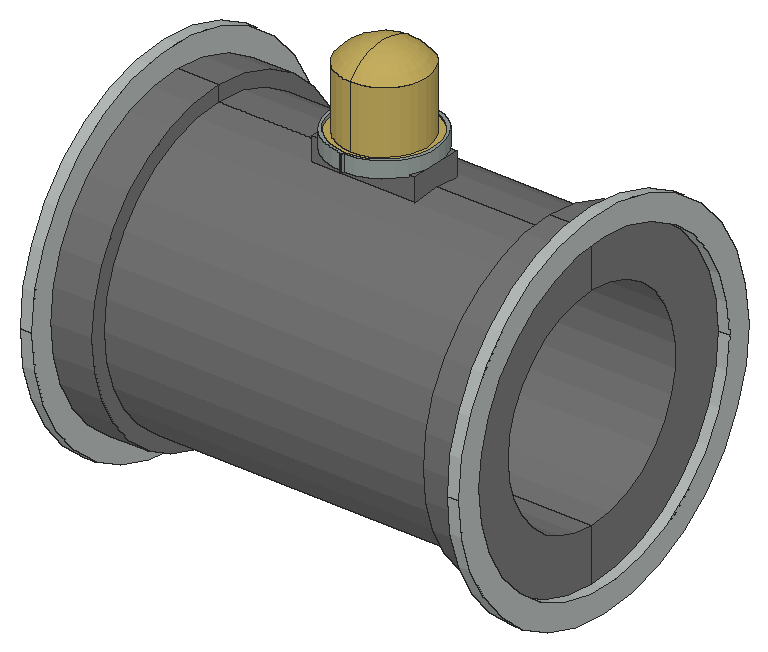
Revit family "QP85090000", category Apparecchi idraulici, Revit 2020
Family settings
  Quota connettore circolare = Usa diametro
  Tipo di parte = Normale
  Numero OmniClass = 23.45.00.00
  Titolo OmniClass = Sanitary, Laundry, and Cleaning Equipment
  Basato su piano di lavoro = No
  Sempre verticale = Sì
  Taglio con vuoti quando caricato = No
  Condiviso = No
  Punto di calcolo locali = No
Parameters
  URL = "https://web.cimberio.com/index.php/figura/842?subcategoria_id="
  Temperatura di esercizio = ""
  Prospetto di default = 0 mm
  Produttore = "CIMBERIO SPA"
  Pressione nominale = ""
  Modello = "Cim 852FH"
  Materiale = "Prodotto in lega d'alluminio anodizzato A356-T6"
  Descrizione = "Utilizzato nell’impiantistica distributiva di gas a bassa pressione per le categorie:\r\nGas naturali: gas derivati dal petrolio (Metano) e gas di ricambio.\r\nGas di città: prodotti secondo i diversi procedimenti (Cracking - Cokerie - ecc.).\r\nGas liquidi: propano e miscele di gas propano/butano."
  DN Model [instance] = QP85073409 : QP85073409
  DN [instance] = 200 mm
  Commenti sul tipo = "Realizzato in ottemperanza ai requisiti gestionali della norma EN ISO 9001.\r\nCollaudato al 100% secondo la normativa EN 12266-1"
Reference planes
  plane 1 "Centro (Fronte/Retro)": y = 0
  plane 2: z = 0
  plane 3 "Centro (Sinistra/Destra)": x = 0
Dimensions and locks
  aligned and locked: level to plane 2
Nested families
  nested 1: "QP85073409" at (0, 0, 0), type <- "DN Model", type "QP85073409"
  nested 2: "QP85073409" at (0, 0, 0), type <- "DN Model", type "QP85073409"
  nested 3: "QP85073409" at (0, 0, 0), type <- "DN Model", type "QP85073409"
  nested 4: "QP85073409" at (0, 0, 0), type <- "DN Model", type "QP85073409"
  nested 5: "QP85073409" at (0, 0, 0), type <- "DN Model", type "QP85073409"
Connectors
  piping at (197, 0, 0), diameter 200, driven by "DN"
    settings: on nested 1, index 1, connector inside diameter 609.6 mm, connector length 0 mm, flow factor 0, pipe flow 0.0 L/s, pressure drop 0.0 Pa, fitting loss kfactor 0, connector angle 0.00°, fixture units 0, engagement length 0 mm, angle of deflection 0.00°, flow configuration 0, flow direction 0, fitting loss method 0, system type 7, joint type 0, gender type 0, connector reference index -1, connector utility 0, adjustable connector no, is connector primary yes, connector description ""
  piping at (-197, 0, 0), diameter 200, driven by "DN"
    settings: on nested 1, index 2, connector inside diameter 609.6 mm, connector length 0 mm, flow factor 0, pipe flow 0.0 L/s, pressure drop 0.0 Pa, fitting loss kfactor 0, connector angle 0.00°, fixture units 0, engagement length 0 mm, angle of deflection 0.00°, flow configuration 0, flow direction 0, fitting loss method 0, system type 7, joint type 0, gender type 0, connector reference index -1, connector utility 0, adjustable connector no, is connector primary no, connector description ""
Definition of nested family "QP85073409"
  Parameters (values of type "QP85073409")
    URL = ""
    Temperatura di esercizio = ""
    Default Elevation = 0 mm
    Manufacturer = ""
    Pressione nominale = ""
    Model = ""
    Materiale = ""
    Description = ""
    Type Comments = ""
  Reference planes
    plane 1 "Centro (Fronte/Retro)": y = 0
    plane 2: z = 0
    plane 3 "Centro (Sinistra/Destra)": x = 0
    plane 4: z = 244
    plane 5: x = -208
  Forms (mm)
    Extrusion 1, solid
      sketch origin (0, 0, 123.002) x (1, 0, 0) y (0, 1, 0)
        loop
          arc (-0.959, 48.991) -> (-49, 0) -> (-0.959, -48.991) r 49
          line (-0.959, -48.991) -> (-0.959, -51.484) -> (0, -51.484) -> (0, -46.484)
          arc (0, -46.484) -> (-46.484, 0) -> (0, 46.484) r 46.484
          line (0, 46.484) -> (0, 51.484) -> (-0.959, 51.484) -> (-0.959, 48.991)
      from 30 to 45
    Extrusion 2, solid
      sketch origin (0, 0, 101.058) x (1, 0, 0) y (0, 1, 0)
        loop
          line (-49, 25) -> (-49, -24.59) -> (49, -24.59) -> (49, 25) -> (-49, 25)
      from 10.173 to 53.944
    Extrusion 3, solid
      sketch origin (0, 0, 123.002) x (1, 0, 0) y (0, 1, 0)
        loop
          circle (0, 0) r 46.484
      from 32 to 43
    Revolve 4, solid
      sketch origin (0, 0, 123.002) x (0, 1, 0) y (0, 0, 1)
        loop
          line (0, 43) -> (40, 43) -> (40, 101.885)
          arc (40, 101.885) -> (22.166, 115.976) -> (0, 121) r 51.409
          line (0, 121) -> (0, 43)
        axis (0, 121) -> (0, 43)
      angle from 0 to 360
    Extrusion 5, solid
      sketch origin (0, 0, 123.002) x (-1, 0, 0) y (0, -1, 0)
        loop
          line (-0.959, -48.991) -> (-0.959, -51.484) -> (0, -51.484) -> (0, -46.484)
          arc (0, -46.484) -> (-46.484, 0) -> (0, 46.484) r 46.484
          line (0, 46.484) -> (0, 51.484) -> (-0.959, 51.484) -> (-0.959, 48.991)
          arc (-0.959, 48.991) -> (-49, 0) -> (-0.959, -48.991) r 49
      from 30 to 45
    Revolve 6, solid
      sketch origin (0, 0, 0) x (1, 0, 0) y (0, 0, 1)
        loop
          line (-197, 150) -> (-197, 100) -> (197, 100) -> (197, 150) -> (157, 150) -> (157, 136.002) -> (-157, 136.002) -> (-157, 150) -> (-197, 150)
        axis (-197, 0) -> (197, 0)
      angle from 0 to 360
    Extrusion 7, solid
      sketch origin (-240, 0, 0) x (0, 1, 0) y (0, 0, 1)
        loop
          circle (0, 0) r 171.5
        loop
          circle (0, 0) r 149
      from 32 to 43
    Extrusion 8, solid
      sketch origin (240, 0, 0) x (0, 1, 0) y (0, 0, -1)
        loop
          circle (0, 0) r 171.5
        loop
          circle (0, 0) r 149
      from 32 to 43
  Dimensions and locks
    aligned and locked: level to plane 2
